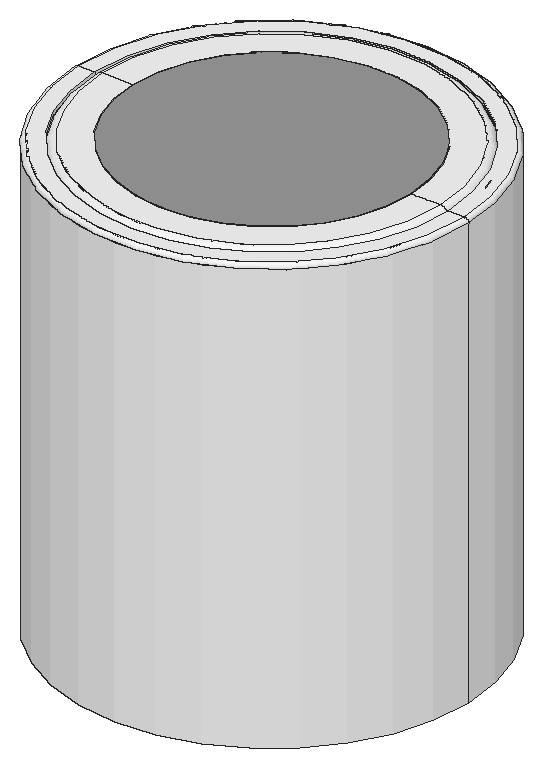
Revit family "3098176 Lighting Fixture_Sylvania_Insaver LED II 150 LO_Surface Mounted", category Lighting Fixtures, host Face, Revit 2017
Family settings
  Host = Face
  Round Connector Dimension = Use Diameter
  Part Type = Normal
  OmniClass Number = 23.80.70.11.17
  OmniClass Title = Specialized Lighting by Location or Use
  Cut with Voids When Loaded = No
  Light Source = Yes
  Shared = No
  Room Calculation Point = No
Parameters (values of type "Insaver LED II 150 High Output WW 1-10 Surface Mounted")
  Ta Rating = "0°C to 55°C"  # constant formula
  Reflector Material = Metal_Sylvania_Insaver LED II_Polished
  LOR = "100%"  # constant formula
  IP Rating = "IP23 (44 with accessory)"  # constant formula
  Height = 208.0 mm
  Glare Control = "UGR <19 (using accessory)"  # constant formula
  Energy Class = "A++,A+,A"  # constant formula
  Weight = 0 kg
  Wattage = 21.5258 W
  built-in parameter 1150110 = 1 (stored number, unit not read)
  Voltage Comments = "UNV (Universal Voltage; 220-240 Volt)"  # constant formula
  Voltage = 230 V  # constant formula
  URL = "http://www.sylvania-lighting.com"
  built-in parameter 1114217 = 1 (stored number, unit not read)
  Tilt Angle = -90°
  built-in parameter 1150109 = 1 (stored number, unit not read)
  built-in parameter 1150134 = (empty or 0)
  built-in parameter 1150113 = 1 (stored number, unit not read)
  Product Page URL = "http://www.sylvania-lighting.com/product/en-int/products/3098176"
  Product Family = "INSAVER LED II 150 Surface Mounted"  # constant formula
  Photometry Comments = ""
  Photometric Web File = "3098176_InsaverLEDII150HighOutputWW1-10SurfaceMounted-202206.ies"
  Life = "50 000 h"  # constant formula
  Emit from Circle Diameter = Diffuser Diameter  # 133.0 mm
  Emit Shape Visible in Rendering = no
  Drive Current = "900mA"  # constant formula
  Distribution type = "Direct - symmetrical"  # constant formula
  Diffuser Material = Glass_Sylvania_Insaver LED II_3000K
  Diffuser Diameter = Accessory Diameter - 36.0 mm  # 133.0 mm
  Colour consistency (SDCM) = "3 step"  # constant formula
  built-in parameter 1114216 [instance] = 1 (stored number, unit not read)
  Model = "Insaver LED II 150 High Output WW 1-10 Surface Mounted"
  Manufacturer = "Feilo Sylvania"
  built-in parameter 1150105 = 1479.6 (stored number, unit not read)
  Lumens = 2088 lm
  built-in parameter 1150115 = 1 (stored number, unit not read)
  built-in parameter 1150137 = (empty or 0)
  built-in parameter 1150139 = (empty or 0)
  built-in parameter 1150112 = 1 (stored number, unit not read)
  built-in parameter 1150114 = 1 (stored number, unit not read)
  Lamp Comments = "Integrated LED"  # constant formula
  Lamp = ""
  built-in parameter 1150132 = 2
  built-in parameter 1150102 = (empty or 0)
  built-in parameter 1150107 = 3000 (stored number, unit not read)
  built-in parameter 1150138 = (empty or 0)
  built-in parameter 1150106 = 14.796 (stored number, unit not read)
  CRI ( Ra ) = 80  # constant formula
  Body Material = Plastic_Sylvania_Insaver LED II_White
  built-in parameter 1150104 = 9.0116 (stored number, unit not read)
  Dimming Lamp Color Temperature Shift = <None>
  Description = "Circular LED downlight with up to 114lm/W efficacy and 2,400 luminaire lumen output. Innovative easy installation system allows for a rapid, single point installation. For 150mm cut outs. IP44 or UGR<19 compliant with additional accessories. 3 hour emergency and surface mounted versions available. Plus3 version includes Wieland GST connector."  # constant formula
  Default Elevation = 0.0 mm
  Color Filter = 16777215
  Catalog Number = "3098176 Insaver LED II 150 High Output WW 1-10 Surface Mounted"
  built-in parameter 1140040 [instance] = 1
  Radius = Diameter / 2  # 94.0 mm
  Diameter = 188.0 mm
  Beam Angle = 76°  # constant formula
  built-in parameter 1114218 = 1 (stored number, unit not read)
  built-in parameter 1150133 = 10 (stored number, unit not read)
  Assembly Code = "D5020200"
  Apparent Load Comments = ""
  Apparent Load = 22 VA
  Accessory Radius = Accessory Diameter / 2  # 84.5 mm
  Accessory Material = Plastic_Sylvania_Insaver LED II_White
  Accessory Diameter = Diameter - 19.0 mm  # 169.0 mm
Reference planes
  plane 1 "Center (Front/Back)": y = 0
  plane 2: z = 0
  plane 3 "Center (Left/Right)": x = 0
  plane 4: z = 202
  plane 5 "Fixture Bottom": z = 208
  plane 6: z = 205
  plane 7: z = 9.5
  plane 8: z = 148
Forms (mm)
  Revolve 1, solid, material "Plastic_Sylvania_Insaver LED II_White" <- "Accessory Material", detail levels fine
    sketch origin (0, 0, 206.916) x (1, 0, 0) y (0, 0, 1)
      loop
        line (-84.5, -4.916) -> (-66.5, -4.916) -> (-66.5, 1.084) -> (-80.5, 1.084)
        arc (-80.5, 1.084) -> (-83.328, -0.088) -> (-84.5, -2.916) r 4
        line (-84.5, -2.916) -> (-84.5, -4.916)
      axis (0, 1.084) -> (0, -4.916)
    angle from 0 to 360
  Extrusion 2, solid, material "Glass_Sylvania_Insaver LED II_3000K" <- "Diffuser Material", detail levels fine
    sketch origin (0, 0, 206.916) x (1, 0, 0) y (0, 1, 0)
      loop
        circle (0, 0) r 66.5
    from -4.916 to 1.084
  Extrusion 3, solid, material "Plastic_Sylvania_Insaver LED II_White" <- "Body Material", detail levels fine
    sketch origin (0, 0, 0) x (1, 0, 0) y (0, 1, 0)
      loop
        circle (0, 0) r 94
      loop
        circle (0, 0) r 84.5
    from 0 to 205
  Revolve 4, solid, material "Plastic_Sylvania_Insaver LED II_White" <- "Body Material", detail levels fine
    sketch origin (0, 0, 0) x (1, 0, 0) y (0, 0, 1)
      loop
        line (-94, 205) -> (-84.5, 205) -> (-84.5, 207) -> (-92, 207)
        arc (-92, 207) -> (-93.414, 206.414) -> (-94, 205) r 2
      axis (0, 207) -> (0, 205)
    angle from 0 to 360
  Extrusion 5, solid, material "Plastic_Sylvania_Insaver LED II_White" <- "Body Material", detail levels fine
    sketch origin (0, 0, 0) x (1, 0, 0) y (0, 1, 0)
      loop
        circle (0, 0) r 84.5
    from 0 to 9.5
  Revolve 6, solid, detail levels fine
    sketch origin (0, 0, 0) x (1, 0, 0) y (0, 0, 1)
      loop
        line (0, 148) -> (0, 150)
        arc (0, 150) -> (-48.672, 164.089) -> (-82.291, 202) r 91.113
        line (-82.291, 202) -> (-84.5, 202)
        arc (-84.5, 202) -> (-50.14, 162.653) -> (0, 148) r 93.113
      axis (0, 202) -> (0, 148)
    angle from 0 to 360
  Extrusion 7, solid, material "Plastic_Sylvania_Insaver LED II_White" <- "Body Material", detail levels coarse+medium
    sketch origin (0, 0, 0) x (1, 0, 0) y (0, 1, 0)
      loop
        circle (0, 0) r 94
    from 0 to 208
Cuts and joins
  joined: Extrusion 3, Revolve 4, Extrusion 5
Lines and regions (mm)
  Masking region 1
    outline origin (0, 0, 0) x (1, 0, 0) y (0, 1, 0)
      loop
        circle (0, 0) r 94
  symbolic lines, detail levels fine
    curve 1: arc (66.5, 0, 0) -> (0, 66.5, 0) -> (-66.5, 0, 0) r 66.5
    curve 2: arc (-66.5, 0, 0) -> (0, -66.5, 0) -> (66.5, 0, 0) r 66.5
Dimensions and locks
  locked: Revolve 1 sketch curve to Revolve 1 sketch curve at 18
  "Accessory Radius": plane 3 "Center (Left/Right)" to Revolve 1 sketch curve
  locked: Revolve 1 sketch curve to plane 4 at 2
  plane 5 "Fixture Bottom" to plane 6 to plane 4 to plane 8 = 3.0 mm locked, 3.0 mm locked, 54.0 mm locked
  "Height": plane 5 "Fixture Bottom" to plane 2
  locked: Revolve 4 sketch curve to plane 6 at 2
  locked: plane 7 to plane 2 at 9.5
  "Radius": plane 3 "Center (Left/Right)" to Revolve 4 sketch curve
  locked: Revolve 4 sketch curve to Revolve 4 sketch curve at 9.5
  "Accessory Radius": plane 3 "Center (Left/Right)" to Revolve 6 sketch curve
  locked: Revolve 6 sketch curve to Revolve 6 sketch curve at 2.209
  locked: Revolve 6 sketch curve to plane 8 at 2
  "Diffuser Diameter": diameter of Extrusion 2 sketch curve
  "Diameter": diameter of Extrusion 3 sketch curve
  "Accessory Diameter": diameter of Extrusion 3 sketch curve
  "Accessory Diameter": diameter of Extrusion 5 sketch curve
  "Diameter": diameter of Extrusion 7 sketch curve
  aligned and locked: plane 2 to host face
  aligned and locked: level to host face
  aligned and locked: imposter light to plane 1 "Center (Front/Back)"
  aligned and locked: plane 4 to Revolve 1 sketch curve
  aligned and locked: Revolve 1 sketch curve to plane 3 "Center (Left/Right)"
  aligned and locked: plane 4 to Extrusion 2
  aligned and locked: Extrusion 2 to plane 5 "Fixture Bottom"
  aligned and locked: Extrusion 3 to plane 6
  aligned and locked: Extrusion 3 to plane 2
  aligned and locked: Revolve 4 sketch curve to plane 3 "Center (Left/Right)"
  aligned and locked: plane 5 "Fixture Bottom" to Revolve 1 sketch curve
  aligned and locked: plane 6 to Revolve 4 sketch curve
  aligned and locked: Extrusion 5 to plane 2
  aligned and locked: Extrusion 5 to plane 7
  aligned and locked: imposter light to plane 3 "Center (Left/Right)"
  aligned and locked: imposter light to plane 5 "Fixture Bottom"
  aligned and locked: Revolve 6 sketch curve to imposter light
  aligned and locked: Revolve 6 sketch curve to plane 4
  aligned and locked: imposter light to Revolve 6 sketch curve
  aligned and locked: Extrusion 7 to plane 5 "Fixture Bottom"
  aligned and locked: Extrusion 7 to plane 2
  aligned and locked: Masking region 1 sketch curve to Extrusion 7  (x2)
  aligned and locked: curve 1 to Extrusion 2
  aligned and locked: curve 2 to Extrusion 2
Automatic sketch dimensions
  host sketch curve to host sketch curve = 1040.406 mm
  host sketch curve to host sketch curve = 988.385 mm
  plane 4 to Revolve 1 sketch curve = 23.903 mm
  Revolve 1 sketch curve to plane 5 "Fixture Bottom" = 38.423 mm
  plane 1 "Center (Front/Back)" to Extrusion 2 sketch curve = 0.0 mm
  Extrusion 2 sketch curve to plane 3 "Center (Left/Right)" = 0.0 mm
  Extrusion 3 sketch curve to Extrusion 3 sketch curve = 0.0 mm  (x2)
  plane 1 "Center (Front/Back)" to Extrusion 3 sketch curve = 0.0 mm
  Extrusion 3 sketch curve to plane 3 "Center (Left/Right)" = 0.0 mm
  Revolve 4 sketch curve to plane 5 "Fixture Bottom" = 23.931 mm
  Revolve 4 sketch curve to Revolve 4 sketch curve = 16.615 mm
  plane 1 "Center (Front/Back)" to Extrusion 5 sketch curve = 0.0 mm
  Extrusion 5 sketch curve to plane 3 "Center (Left/Right)" = 0.0 mm
  Revolve 6 sketch curve to Revolve 6 sketch curve = 0.0 mm
  plane 4 to Revolve 6 sketch curve = 22.636 mm
  Revolve 6 sketch curve to Revolve 6 sketch curve = 1.749 mm
  plane 1 "Center (Front/Back)" to Extrusion 7 sketch curve = 0.0 mm
  Extrusion 7 sketch curve to plane 3 "Center (Left/Right)" = 0.0 mm
Connectors
  electrical at (0, 0, 0), driven by "Voltage", driven by "Apparent Load"
    settings: on cut or joined group of Extrusion 3, Revolve 4, Extrusion 5, index 1, voltage 230 V, apparent load 0 VA, apparent load phase1 22 VA, apparent load phase2 0 VA, apparent load phase3 0 VA, power factor 1, load classification "Lighting", number of poles 1, system type 31, power factor state 1, is connector primary yes, connector utility no, sub classification motor no, connector description ""
